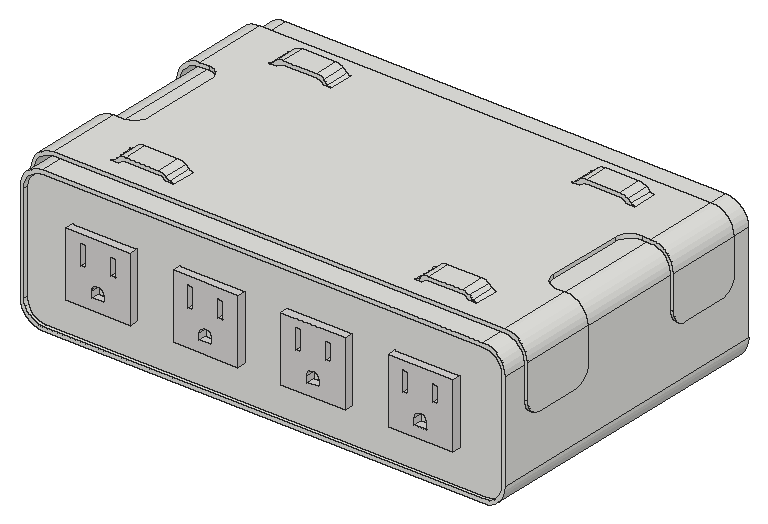
Revit family "Electrical_&_Lighting-Teknion-CQAPH_Routes_Shared_Power_Hub-R2018", category Electrical Fixtures, Revit 2018
Family settings
  Maintain Annotation Orientation = No
  Round Connector Dimension = Use Diameter
  Part Type = Normal
  OmniClass Number = 23.40.20.00
  OmniClass Title = General Furniture and Specialties
  Work Plane-Based = No
  Always vertical = Yes
  Cut with Voids When Loaded = No
  Shared = Yes
  Room Calculation Point = No
Parameters (values of type "Octet - 8 Power, Under Worksurface Mounting Configuration")
  Warranty = "http://www.teknion.com/ca/papers/legal-canada"
  Voltage = 120 V
  Unit Weight URL = "http://www.teknion.com/ca/tools/assets#&asset=bee6a381-b954-425e-8283-5a2de3a804f2,f828d448-4b62-4231-9e5f-9a8991c0ed77"
  URL = "www.teknion.com"
  To render please download texture images found here [instance] = "https://assets.teknion.com/web/5e81352c1dfdb467/revit-material-swatches/"
  Sustainability Data = "https://www.teknion.com/ca/tools/assets#&topic=216f99a5-57a0-44fc-b10a-9dee9b29ae4c&asset=444deb64-fe58-4b68-981e-f75e97781df7,b4ff2d81-9f2e-437d-9659-7cffb09c31cf"
  Series = "Routes"  # constant formula
  Product Page URL = "https://www.teknion.com/ca/products/all-products"
  Product Line = "Routes"  # constant formula
  Product Documentation Link = "https://assets.teknion.com/m/72af4764f50e983c/original/Routes-Reference-Guide.pdf"
  Part Number = "CQAPH"  # constant formula
  Model = "CQAPHO8000U___"
  Manufacturer Phone = "416-661-3370"  # constant formula
  Manufacturer Fax = "416.661.4586"  # constant formula
  Manufacturer Contact Information = "http://www.teknion.com/ca/contactus"
  Manufacturer Address = "1150 Flint Road, Toronto, ON. M3J 2J5. Canada"  # constant formula
  Manufacturer = "Teknion"  # constant formula
  How To Use Teknion Materials User Guide [instance] = "https://assets.teknion.com/m/205dd0a49fa58060/original/How-to-add-a-Material-Library-and-Texture-Images-to-your-Revit-project.pdf"
  For Additional Finishes please visit [instance] = "https://assets.teknion.com/m/44a8009b046e5d47/original/Teknion_Materials_Library.zip"
  Description = "Routes Shared Power Hub, Octet - 8 Power, Under Worksurface Mounting Configuration"
  Connector Descripton = "Power Connector"  # constant formula
  Case and Front Finish [instance] = Paint-Teknion-20-T-Foundation-Atrium White
  Assembly Code = "E2020200"
  Apparent Load = 0 VA
Reference planes (in)
  plane 1 "Center Front/Back": y = 0.0669
  plane 2: z = 0
  plane 3 "Center Left/Right": x = -0.34683
  plane 4 "Left": x = -4.47173
  plane 5 "Right": x = 3.77807
  plane 6 "Back": y = 2.6419
  plane 7 "Front": y = -2.5081
  plane 8 "Top": z = 28
Forms (in)
  Sweep 1, solid, material "Paint-Teknion-20-T-Foundation-Atrium White" <- "Case and Front Finish"
    path origin (0, 0, 0) x (1, 0, 0) y (0, 1, 0)
      loop
        line (-0.34683, -2.4331) -> (-0.34683, 2.5669)
    profile origin (-0.34683, 0.0669, 0) x (-1, 0, 0) y (0, 0, 1)
      loop
        line (-3.6923, 25.45201) -> (3.5621, 25.45201)
        arc (3.5621, 25.45201) -> (3.82571, 25.5612) -> (3.9349, 25.82481) r 0.3728
        line (3.9349, 25.82481) -> (3.9349, 27.44929)
        arc (3.9349, 27.44929) -> (3.82571, 27.7129) -> (3.5621, 27.82209) r 0.3728
        line (3.5621, 27.82209) -> (-3.6923, 27.82209)
        arc (-3.6923, 27.82209) -> (-3.95591, 27.7129) -> (-4.0651, 27.44929) r 0.3728
        line (-4.0651, 27.44929) -> (-4.0651, 25.82481)
        arc (-4.0651, 25.82481) -> (-3.95591, 25.5612) -> (-3.6923, 25.45201) r 0.3728
      loop
        line (-3.6923, 25.51181) -> (3.5621, 25.51181)
        arc (3.5621, 25.51181) -> (3.78342, 25.60349) -> (3.8751, 25.82481) r 0.313
        line (3.8751, 25.82481) -> (3.8751, 27.44929)
        arc (3.8751, 27.44929) -> (3.78342, 27.67061) -> (3.5621, 27.76229) r 0.313
        line (3.5621, 27.76229) -> (-3.6923, 27.76229)
        arc (-3.6923, 27.76229) -> (-3.91362, 27.67061) -> (-4.0053, 27.44929) r 0.313
        line (-4.0053, 27.44929) -> (-4.0053, 25.82481)
        arc (-4.0053, 25.82481) -> (-3.91362, 25.60349) -> (-3.6923, 25.51181) r 0.313
  Sweep 2, solid, material "Paint-Teknion-20-T-Foundation-Atrium White" <- "Case and Front Finish"
    path origin (0, 0, 0) x (1, 0, 0) y (0, 1, 0)
      loop
        line (-0.34683, -2.3679) -> (-0.34683, 2.5017)
    profile origin (-0.34683, 0.0669, 0) x (-1, 0, 0) y (0, 0, 1)
      loop
        line (3.8651, 25.82441) -> (3.8651, 27.41881)
        arc (3.8651, 27.41881) -> (3.77342, 27.64014) -> (3.5521, 27.73181) r 0.313
        line (3.5521, 27.73181) -> (-3.6823, 27.73181)
        arc (-3.6823, 27.73181) -> (-3.90362, 27.64014) -> (-3.9953, 27.41881) r 0.313
        line (-3.9953, 27.41881) -> (-3.9953, 25.81481)
        arc (-3.9953, 25.81481) -> (-3.90655, 25.60056) -> (-3.6923, 25.51181) r 0.303
        line (-3.6923, 25.51181) -> (3.5525, 25.51181)
        arc (3.5525, 25.51181) -> (3.77354, 25.60337) -> (3.8651, 25.82441) r 0.3126
  Sweep 3, solid, material "Paint-Teknion-20-T-Foundation-Atrium White" <- "Case and Front Finish"
    path origin (0, 0, 0) x (1, 0, 0) y (0, 1, 0)
      loop
        line (-0.34683, -2.0581) -> (-0.34683, 2.1919)
    profile origin (-0.34683, 0.0669, 0) x (-1, 0, 0) y (0, 0, 1)
      loop
        line (3.9974, 26.69439) -> (4.0572, 26.69439) -> (4.0572, 27.50909)
        arc (4.0572, 27.50909) -> (3.94801, 27.7727) -> (3.6844, 27.88189) r 0.3728
        line (3.6844, 27.88189) -> (-3.7521, 27.88189)
        arc (-3.7521, 27.88189) -> (-4.01571, 27.7727) -> (-4.1249, 27.50909) r 0.3728
        line (-4.1249, 27.50909) -> (-4.1249, 26.69439) -> (-4.0651, 26.69439) -> (-4.0651, 27.50909)
        arc (-4.0651, 27.50909) -> (-3.97342, 27.73041) -> (-3.7521, 27.82209) r 0.313
        line (-3.7521, 27.82209) -> (3.6844, 27.82209)
        arc (3.6844, 27.82209) -> (3.90572, 27.73041) -> (3.9974, 27.50909) r 0.313
        line (3.9974, 27.50909) -> (3.9974, 26.69439)
  Sweep 4, void
    path origin (0, 0.0669, 0) x (1, 0, 0) y (0, 0, 1)
      loop
        line (-4.02275, 29.68492) -> (-4.02275, 24.43492)
    profile origin (-4.02275, 0.0669, 27.05992) x (0, -1, 0) y (1, 0, 0)
      loop
        line (-0.88583, -0.77296) -> (0.88583, -0.77296) -> (0.88583, 0.13522)
        arc (0.88583, 0.13522) -> (0.8126, 0.312) -> (0.63583, 0.38522) r 0.25
        line (0.63583, 0.38522) -> (-0.63583, 0.38522)
        arc (-0.63583, 0.38522) -> (-0.8126, 0.312) -> (-0.88583, 0.13522) r 0.25
        line (-0.88583, 0.13522) -> (-0.88583, -0.77296)
      loop
        line (-0.88583, 8.1925) -> (-0.88583, 7.28432)
        arc (-0.88583, 7.28432) -> (-0.8126, 7.10754) -> (-0.63583, 7.03432) r 0.25
        line (-0.63583, 7.03432) -> (0.63583, 7.03432)
        arc (0.63583, 7.03432) -> (0.8126, 7.10754) -> (0.88583, 7.28432) r 0.25
        line (0.88583, 7.28432) -> (0.88583, 8.1925) -> (-0.88583, 8.1925)
  Sweep 5, void
    path origin (0, 0, 0) x (1, 0, 0) y (0, 1, 0)
      loop
        line (-4.47173, 0.0669) -> (3.77807, 0.0669)
    profile origin (-0.34683, 0.0669, 0) x (0, 1, 0) y (0, 0, 1)
      loop
        line (0.88583, 26.69439) -> (1.13583, 26.69439)
        arc (1.13583, 26.69439) -> (0.95905, 26.76761) -> (0.88583, 26.94439) r 0.25
        line (0.88583, 26.94439) -> (0.88583, 26.69439)
      loop
        line (2.125, 26.69439) -> (2.125, 26.94439)
        arc (2.125, 26.94439) -> (2.05178, 26.76761) -> (1.875, 26.69439) r 0.25
        line (1.875, 26.69439) -> (2.125, 26.69439)
      loop
        line (-0.88583, 26.69439) -> (-0.88583, 26.94439)
        arc (-0.88583, 26.94439) -> (-0.95905, 26.76761) -> (-1.13583, 26.69439) r 0.25
        line (-1.13583, 26.69439) -> (-0.88583, 26.69439)
      loop
        line (-2.125, 26.69439) -> (-1.875, 26.69439)
        arc (-1.875, 26.69439) -> (-2.05178, 26.76761) -> (-2.125, 26.94439) r 0.25
        line (-2.125, 26.94439) -> (-2.125, 26.69439)
  Sweep 6, solid, material "Paint-Teknion-20-T-Foundation-Atrium White" <- "Case and Front Finish"
    path origin (0, 0, 0) x (1, 0, 0) y (0, 1, 0)
      loop
        line (-2.81298, 1.49504) -> (-2.81298, 1.88875)
    profile origin (-2.81298, 1.6919, 0) x (-1, 0, 0) y (0, 0, 1)
      loop
        arc (0.51462, 27.88189) -> (0.48001, 27.88823) -> (0.4499, 27.90641) r 0.09768
        line (0.4499, 27.90641) -> (0.3946, 27.95534)
        arc (0.3946, 27.95534) -> (0.33974, 27.98846) -> (0.27671, 28) r 0.17791
        line (0.27671, 28) -> (-0.27671, 28)
        arc (-0.27671, 28) -> (-0.33974, 27.98846) -> (-0.3946, 27.95534) r 0.17791
        line (-0.3946, 27.95534) -> (-0.4499, 27.90641)
        arc (-0.4499, 27.90641) -> (-0.48001, 27.88823) -> (-0.51462, 27.88189) r 0.09768
        line (-0.51462, 27.88189) -> (-0.38736, 27.88189) -> (-0.35497, 27.91055)
        arc (-0.35497, 27.91055) -> (-0.31855, 27.93254) -> (-0.27671, 27.9402) r 0.11811
        line (-0.27671, 27.9402) -> (0.27671, 27.9402)
        arc (0.27671, 27.9402) -> (0.31855, 27.93254) -> (0.35497, 27.91055) r 0.11811
        line (0.35497, 27.91055) -> (0.38736, 27.88189) -> (0.51462, 27.88189)
      loop
        arc (-4.48538, 27.88189) -> (-4.51999, 27.88823) -> (-4.5501, 27.90641) r 0.09768
        line (-4.5501, 27.90641) -> (-4.6054, 27.95534)
        arc (-4.6054, 27.95534) -> (-4.66026, 27.98846) -> (-4.72329, 28) r 0.17791
        line (-4.72329, 28) -> (-5.27671, 28)
        arc (-5.27671, 28) -> (-5.33974, 27.98846) -> (-5.3946, 27.95534) r 0.17791
        line (-5.3946, 27.95534) -> (-5.4499, 27.90641)
        arc (-5.4499, 27.90641) -> (-5.48001, 27.88823) -> (-5.51462, 27.88189) r 0.09768
        line (-5.51462, 27.88189) -> (-5.38736, 27.88189) -> (-5.35497, 27.91055)
        arc (-5.35497, 27.91055) -> (-5.31855, 27.93254) -> (-5.27671, 27.9402) r 0.11811
        line (-5.27671, 27.9402) -> (-4.72329, 27.9402)
        arc (-4.72329, 27.9402) -> (-4.68145, 27.93254) -> (-4.64503, 27.91055) r 0.11811
        line (-4.64503, 27.91055) -> (-4.61264, 27.88189) -> (-4.48538, 27.88189)
  Sweep 7, solid, material "Paint-Teknion-20-T-Foundation-Atrium White" <- "Case and Front Finish"
    path origin (0, -3.25, 0) x (1, 0, 0) y (0, 1, 0)
      loop
        line (-2.81298, 1.49504) -> (-2.81298, 1.88875)
    profile origin (-2.81298, -1.5581, 0) x (-1, 0, 0) y (0, 0, 1)
      loop
        arc (0.51462, 27.88189) -> (0.48001, 27.88823) -> (0.4499, 27.90641) r 0.09768
        line (0.4499, 27.90641) -> (0.3946, 27.95534)
        arc (0.3946, 27.95534) -> (0.33974, 27.98846) -> (0.27671, 28) r 0.17791
        line (0.27671, 28) -> (-0.27671, 28)
        arc (-0.27671, 28) -> (-0.33974, 27.98846) -> (-0.3946, 27.95534) r 0.17791
        line (-0.3946, 27.95534) -> (-0.4499, 27.90641)
        arc (-0.4499, 27.90641) -> (-0.48001, 27.88823) -> (-0.51462, 27.88189) r 0.09768
        line (-0.51462, 27.88189) -> (-0.38736, 27.88189) -> (-0.35497, 27.91055)
        arc (-0.35497, 27.91055) -> (-0.31855, 27.93254) -> (-0.27671, 27.9402) r 0.11811
        line (-0.27671, 27.9402) -> (0.27671, 27.9402)
        arc (0.27671, 27.9402) -> (0.31855, 27.93254) -> (0.35497, 27.91055) r 0.11811
        line (0.35497, 27.91055) -> (0.38736, 27.88189) -> (0.51462, 27.88189)
      loop
        arc (-4.48538, 27.88189) -> (-4.51999, 27.88823) -> (-4.5501, 27.90641) r 0.09768
        line (-4.5501, 27.90641) -> (-4.6054, 27.95534)
        arc (-4.6054, 27.95534) -> (-4.66026, 27.98846) -> (-4.72329, 28) r 0.17791
        line (-4.72329, 28) -> (-5.27671, 28)
        arc (-5.27671, 28) -> (-5.33974, 27.98846) -> (-5.3946, 27.95534) r 0.17791
        line (-5.3946, 27.95534) -> (-5.4499, 27.90641)
        arc (-5.4499, 27.90641) -> (-5.48001, 27.88823) -> (-5.51462, 27.88189) r 0.09768
        line (-5.51462, 27.88189) -> (-5.38736, 27.88189) -> (-5.35497, 27.91055)
        arc (-5.35497, 27.91055) -> (-5.31855, 27.93254) -> (-5.27671, 27.9402) r 0.11811
        line (-5.27671, 27.9402) -> (-4.72329, 27.9402)
        arc (-4.72329, 27.9402) -> (-4.68145, 27.93254) -> (-4.64503, 27.91055) r 0.11811
        line (-4.64503, 27.91055) -> (-4.61264, 27.88189) -> (-4.48538, 27.88189)
  Sweep 8, solid, material "Plastic - Teknion - E - Ebony"
    path origin (0, 0.0669, 0) x (1, 0, 0) y (0, 0, 1)
      loop
        line (-4.37173, 26.39418) -> (-4.28173, 26.39418)
    profile origin (-4.32673, 0.0669, 26.39418) x (0, 0, 1) y (0, -1, 0)
      loop
        line (0.375, -0.375) -> (0.375, 0.375) -> (-0.375, 0.375) -> (-0.375, -0.375) -> (0.375, -0.375)
  Sweep 9, solid, material "Plastic - Teknion - E - Ebony"
    path origin (0, 0, 0) x (1, 0, 0) y (0, 1, 0)
      loop
        line (-4.42173, -0.1131) -> (-4.42173, 0.2469)
    profile origin (-4.42173, 0.0669, 0) x (-1, 0, 0) y (0, 0, 1)
      loop
        line (-0.06228, 26.1869) -> (0.05, 26.29918)
        arc (0.05, 26.29918) -> (-0.00922, 26.43869) -> (-0.03, 26.58882) r 0.576
        line (-0.03, 26.58882) -> (-0.06228, 26.58882) -> (-0.06228, 26.1869)
  Sweep 10, solid, material "Plastic - Teknion - Z2 - Crisp Grey"
    path origin (-1.74432, -1.3115, 25.61977) x (0, 1, 0) y (0, 0, 1)
      loop
        line (-1.0564, 0.99588) -> (-1.1966, 0.99588)
    profile origin (-1.74432, -2.438, 26.61565) x (0, 0, -1) y (1, 0, 0)
      loop
        line (0.5252, -1.72639) -> (0.5252, -0.66339) -> (-0.53766, -0.66339) -> (-0.53766, -1.72639) -> (0.5252, -1.72639)
      loop
        line (-0.40166, -1.40239) -> (-0.40166, -1.48639) -> (-0.06566, -1.48639) -> (-0.06566, -1.40239) -> (-0.40166, -1.40239)
      loop
        line (-0.36966, -0.98739) -> (-0.09766, -0.98739) -> (-0.09766, -0.90339) -> (-0.36966, -0.90339) -> (-0.36966, -0.98739)
      loop
        line (0.24294, -1.29888) -> (0.34649, -1.29888) -> (0.34649, -1.09179) -> (0.24294, -1.09179)
        arc (0.24294, -1.09179) -> (0.1394, -1.19534) -> (0.24294, -1.29888) r 0.10354
  Sweep 11, solid, material "Plastic - Teknion - Z2 - Crisp Grey"
    path origin (0.02734, -1.3115, 25.61977) x (0, 1, 0) y (0, 0, 1)
      loop
        line (-1.0564, 0.99588) -> (-1.1966, 0.99588)
    profile origin (0.02734, -2.438, 26.61565) x (0, 0, -1) y (1, 0, 0)
      loop
        line (0.5252, -1.72639) -> (0.5252, -0.66339) -> (-0.53766, -0.66339) -> (-0.53766, -1.72639) -> (0.5252, -1.72639)
      loop
        line (-0.40166, -1.40239) -> (-0.40166, -1.48639) -> (-0.06566, -1.48639) -> (-0.06566, -1.40239) -> (-0.40166, -1.40239)
      loop
        line (-0.36966, -0.98739) -> (-0.09766, -0.98739) -> (-0.09766, -0.90339) -> (-0.36966, -0.90339) -> (-0.36966, -0.98739)
      loop
        line (0.24294, -1.29888) -> (0.34649, -1.29888) -> (0.34649, -1.09179) -> (0.24294, -1.09179)
        arc (0.24294, -1.09179) -> (0.1394, -1.19534) -> (0.24294, -1.29888) r 0.10354
  Sweep 12, solid, material "Plastic - Teknion - Z2 - Crisp Grey"
    path origin (1.79899, -1.3115, 25.61977) x (0, 1, 0) y (0, 0, 1)
      loop
        line (-1.0564, 0.99588) -> (-1.1966, 0.99588)
    profile origin (1.79899, -2.438, 26.61565) x (0, 0, -1) y (1, 0, 0)
      loop
        line (0.5252, -1.72639) -> (0.5252, -0.66339) -> (-0.53766, -0.66339) -> (-0.53766, -1.72639) -> (0.5252, -1.72639)
      loop
        line (-0.40166, -1.40239) -> (-0.40166, -1.48639) -> (-0.06566, -1.48639) -> (-0.06566, -1.40239) -> (-0.40166, -1.40239)
      loop
        line (-0.36966, -0.98739) -> (-0.09766, -0.98739) -> (-0.09766, -0.90339) -> (-0.36966, -0.90339) -> (-0.36966, -0.98739)
      loop
        line (0.24294, -1.29888) -> (0.34649, -1.29888) -> (0.34649, -1.09179) -> (0.24294, -1.09179)
        arc (0.24294, -1.09179) -> (0.1394, -1.19534) -> (0.24294, -1.29888) r 0.10354
  Sweep 13, solid, material "Plastic - Teknion - Z2 - Crisp Grey"
    path origin (3.57064, -1.3115, 25.61977) x (0, 1, 0) y (0, 0, 1)
      loop
        line (-1.0564, 0.99588) -> (-1.1966, 0.99588)
    profile origin (3.57064, -2.438, 26.61565) x (0, 0, -1) y (1, 0, 0)
      loop
        line (0.5252, -1.72639) -> (0.5252, -0.66339) -> (-0.53766, -0.66339) -> (-0.53766, -1.72639) -> (0.5252, -1.72639)
      loop
        line (-0.40166, -1.40239) -> (-0.40166, -1.48639) -> (-0.06566, -1.48639) -> (-0.06566, -1.40239) -> (-0.40166, -1.40239)
      loop
        line (-0.36966, -0.98739) -> (-0.09766, -0.98739) -> (-0.09766, -0.90339) -> (-0.36966, -0.90339) -> (-0.36966, -0.98739)
      loop
        line (0.24294, -1.29888) -> (0.34649, -1.29888) -> (0.34649, -1.09179) -> (0.24294, -1.09179)
        arc (0.24294, -1.09179) -> (0.1394, -1.19534) -> (0.24294, -1.29888) r 0.10354
  Sweep 14, solid, material "Plastic - Teknion - Z2 - Crisp Grey"
    path origin (1.18086, 1.44529, 25.61977) x (0, -1, 0) y (0, 0, 1)
      loop
        line (-1.0564, 0.99588) -> (-1.1966, 0.99588)
    profile origin (1.18086, 2.5718, 26.61565) x (0, 0, -1) y (-1, 0, 0)
      loop
        line (0.5252, -1.72639) -> (0.5252, -0.66339) -> (-0.53766, -0.66339) -> (-0.53766, -1.72639) -> (0.5252, -1.72639)
      loop
        line (-0.40166, -1.40239) -> (-0.40166, -1.48639) -> (-0.06566, -1.48639) -> (-0.06566, -1.40239) -> (-0.40166, -1.40239)
      loop
        line (-0.36966, -0.98739) -> (-0.09766, -0.98739) -> (-0.09766, -0.90339) -> (-0.36966, -0.90339) -> (-0.36966, -0.98739)
      loop
        line (0.24294, -1.29888) -> (0.34649, -1.29888) -> (0.34649, -1.09179) -> (0.24294, -1.09179)
        arc (0.24294, -1.09179) -> (0.1394, -1.19534) -> (0.24294, -1.29888) r 0.10354
  Sweep 15, solid, material "Plastic - Teknion - Z2 - Crisp Grey"
    path origin (-0.5908, 1.44529, 25.61977) x (0, -1, 0) y (0, 0, 1)
      loop
        line (-1.0564, 0.99588) -> (-1.1966, 0.99588)
    profile origin (-0.5908, 2.5718, 26.61565) x (0, 0, -1) y (-1, 0, 0)
      loop
        line (0.5252, -1.72639) -> (0.5252, -0.66339) -> (-0.53766, -0.66339) -> (-0.53766, -1.72639) -> (0.5252, -1.72639)
      loop
        line (-0.40166, -1.40239) -> (-0.40166, -1.48639) -> (-0.06566, -1.48639) -> (-0.06566, -1.40239) -> (-0.40166, -1.40239)
      loop
        line (-0.36966, -0.98739) -> (-0.09766, -0.98739) -> (-0.09766, -0.90339) -> (-0.36966, -0.90339) -> (-0.36966, -0.98739)
      loop
        line (0.24294, -1.29888) -> (0.34649, -1.29888) -> (0.34649, -1.09179) -> (0.24294, -1.09179)
        arc (0.24294, -1.09179) -> (0.1394, -1.19534) -> (0.24294, -1.29888) r 0.10354
  Sweep 16, solid, material "Plastic - Teknion - Z2 - Crisp Grey"
    path origin (-2.36245, 1.44529, 25.61977) x (0, -1, 0) y (0, 0, 1)
      loop
        line (-1.0564, 0.99588) -> (-1.1966, 0.99588)
    profile origin (-2.36245, 2.5718, 26.61565) x (0, 0, -1) y (-1, 0, 0)
      loop
        line (0.5252, -1.72639) -> (0.5252, -0.66339) -> (-0.53766, -0.66339) -> (-0.53766, -1.72639) -> (0.5252, -1.72639)
      loop
        line (-0.40166, -1.40239) -> (-0.40166, -1.48639) -> (-0.06566, -1.48639) -> (-0.06566, -1.40239) -> (-0.40166, -1.40239)
      loop
        line (-0.36966, -0.98739) -> (-0.09766, -0.98739) -> (-0.09766, -0.90339) -> (-0.36966, -0.90339) -> (-0.36966, -0.98739)
      loop
        line (0.24294, -1.29888) -> (0.34649, -1.29888) -> (0.34649, -1.09179) -> (0.24294, -1.09179)
        arc (0.24294, -1.09179) -> (0.1394, -1.19534) -> (0.24294, -1.29888) r 0.10354
  Sweep 17, solid, material "Plastic - Teknion - Z2 - Crisp Grey"
    path origin (-4.1341, 1.44529, 25.61977) x (0, -1, 0) y (0, 0, 1)
      loop
        line (-1.0564, 0.99588) -> (-1.1966, 0.99588)
    profile origin (-4.1341, 2.5718, 26.61565) x (0, 0, -1) y (-1, 0, 0)
      loop
        line (0.5252, -1.72639) -> (0.5252, -0.66339) -> (-0.53766, -0.66339) -> (-0.53766, -1.72639) -> (0.5252, -1.72639)
      loop
        line (-0.40166, -1.40239) -> (-0.40166, -1.48639) -> (-0.06566, -1.48639) -> (-0.06566, -1.40239) -> (-0.40166, -1.40239)
      loop
        line (-0.36966, -0.98739) -> (-0.09766, -0.98739) -> (-0.09766, -0.90339) -> (-0.36966, -0.90339) -> (-0.36966, -0.98739)
      loop
        line (0.24294, -1.29888) -> (0.34649, -1.29888) -> (0.34649, -1.09179) -> (0.24294, -1.09179)
        arc (0.24294, -1.09179) -> (0.1394, -1.19534) -> (0.24294, -1.29888) r 0.10354
Cuts and joins
  Sweep 4, Sweep 5 cuts Sweep 3
Lines and regions (in)
  Masking region 1
    outline origin (0, 0, 0) x (1, 0, 0) y (0, 1, 0)
      loop
        line (-4.40403, 2.1919) -> (-4.40403, 0.95272) -> (-3.88753, 0.95272)
        arc (-3.88753, 0.95272) -> (-3.71075, 0.8795) -> (-3.63753, 0.70272) r 0.25
        line (-3.63753, 0.70272) -> (-3.63753, -0.56893)
        arc (-3.63753, -0.56893) -> (-3.71075, -0.74571) -> (-3.88753, -0.81893) r 0.25
        line (-3.88753, -0.81893) -> (-4.40403, -0.81893) -> (-4.40403, -2.0581) -> (3.77807, -2.0581) -> (3.77807, -0.81893) -> (3.26157, -0.81893)
        arc (3.26157, -0.81893) -> (3.08479, -0.74571) -> (3.01157, -0.56893) r 0.25
        line (3.01157, -0.56893) -> (3.01157, 0.70272)
        arc (3.01157, 0.70272) -> (3.08479, 0.8795) -> (3.26157, 0.95272) r 0.25
        line (3.26157, 0.95272) -> (3.77807, 0.95272) -> (3.77807, 2.1919) -> (-4.40403, 2.1919)
  Masking region 2
    outline origin (0, 0, 0) x (1, 0, 0) y (0, 1, 0)
      loop
        line (-4.28065, -0.81893) -> (-3.88753, -0.81893)
        arc (-3.88753, -0.81893) -> (-3.71075, -0.74571) -> (-3.63753, -0.56893) r 0.25
        line (-3.63753, -0.56893) -> (-3.63753, 0.70272)
        arc (-3.63753, 0.70272) -> (-3.71075, 0.8795) -> (-3.88753, 0.95272) r 0.25
        line (-3.88753, 0.95272) -> (-4.28065, 0.95272) -> (-4.28065, -0.81893)
  Masking region 3
    outline origin (-0.62596, 0, 0) x (0, 1, 0) y (-1, 0, 0)
      loop
        line (-0.81893, -4.34139) -> (0.95272, -4.34139) -> (0.95272, -3.88753)
        arc (0.95272, -3.88753) -> (0.8795, -3.71075) -> (0.70272, -3.63753) r 0.25
        line (0.70272, -3.63753) -> (-0.56893, -3.63753)
        arc (-0.56893, -3.63753) -> (-0.74571, -3.71075) -> (-0.81893, -3.88753) r 0.25
        line (-0.81893, -3.88753) -> (-0.81893, -4.34139)
  Masking region 4
    outline origin (0, 0, 0) x (1, 0, 0) y (0, 1, 0)
      loop
        line (-4.28173, -2.4331) -> (3.71827, -2.4331) -> (3.71827, -2.0581) -> (-4.28173, -2.0581) -> (-4.28173, -2.4331)
  Masking region 5
    outline origin (0, 0, 0) x (1, 0, 0) y (0, 1, 0)
      loop
        line (-4.28173, 2.5669) -> (-4.28173, 2.1919) -> (3.71827, 2.1919) -> (3.71827, 2.5669) -> (-4.28173, 2.5669)
  Masking region 6
    outline origin (0, 0, 0) x (1, 0, 0) y (0, 1, 0)
      loop
        line (-3.47071, 2.6419) -> (-3.47071, 2.5669) -> (-2.40771, 2.5669) -> (-2.40771, 2.6419) -> (-3.47071, 2.6419)
  Masking region 7
    outline origin (1.77165, 0, 0) x (1, 0, 0) y (0, 1, 0)
      loop
        line (-3.47071, 2.6419) -> (-3.47071, 2.5669) -> (-2.40771, 2.5669) -> (-2.40771, 2.6419) -> (-3.47071, 2.6419)
  Masking region 8
    outline origin (3.54331, 0, 0) x (1, 0, 0) y (0, 1, 0)
      loop
        line (-3.47071, 2.6419) -> (-3.47071, 2.5669) -> (-2.40771, 2.5669) -> (-2.40771, 2.6419) -> (-3.47071, 2.6419)
  Masking region 9
    outline origin (5.31496, 0, 0) x (1, 0, 0) y (0, 1, 0)
      loop
        line (-3.47071, 2.6419) -> (-3.47071, 2.5669) -> (-2.40771, 2.5669) -> (-2.40771, 2.6419) -> (-3.47071, 2.6419)
  Masking region 10
    outline origin (0, 0.13379, 0) x (0, -1, 0) y (1, 0, 0)
      loop
        line (2.6419, -3.47071) -> (2.6419, -2.40771) -> (2.5669, -2.40771) -> (2.5669, -3.47071) -> (2.6419, -3.47071)
  Masking region 11
    outline origin (1.77165, 0.13379, 0) x (0, -1, 0) y (1, 0, 0)
      loop
        line (2.6419, -3.47071) -> (2.6419, -2.40771) -> (2.5669, -2.40771) -> (2.5669, -3.47071) -> (2.6419, -3.47071)
  Masking region 12
    outline origin (3.54331, 0.13379, 0) x (0, -1, 0) y (1, 0, 0)
      loop
        line (2.6419, -3.47071) -> (2.6419, -2.40771) -> (2.5669, -2.40771) -> (2.5669, -3.47071) -> (2.6419, -3.47071)
  Masking region 13
    outline origin (5.31496, 0.13379, 0) x (0, -1, 0) y (1, 0, 0)
      loop
        line (2.6419, -3.47071) -> (2.6419, -2.40771) -> (2.5669, -2.40771) -> (2.5669, -3.47071) -> (2.6419, -3.47071)
  Masking region 14
    outline origin (0, 0, 0) x (1, 0, 0) y (0, 1, 0)
      loop
        line (-4.37173, 0.4419) -> (-4.37173, -0.3081) -> (-4.28173, -0.3081) -> (-4.28173, 0.4419) -> (-4.37173, 0.4419)
  Masking region 15
    outline origin (0, 0, 0) x (1, 0, 0) y (0, 1, 0)
      loop
        line (-4.47173, 0.2469) -> (-4.47173, -0.1131) -> (-4.37173, -0.1131) -> (-4.37173, 0.2469) -> (-4.47173, 0.2469)
  symbolic lines
    curve 1: line (-4.39173, 0.2469, 0) -> (-4.39173, -0.1131, 0)
    curve 2: line (-3.3276, 1.88875, 0) -> (-2.29836, 1.88875, 0)
    curve 3: line (-3.3276, 1.49504, 0) -> (-3.3276, 1.88875, 0)
    curve 4: line (-2.29836, 1.49504, 0) -> (-3.3276, 1.49504, 0)
    curve 5: line (-2.29836, 1.88875, 0) -> (-2.29836, 1.49504, 0)
    curve 6: line (-3.20034, 1.49504, 0) -> (-3.20034, 1.88875, 0)
    curve 7: line (-2.42562, 1.88875, 0) -> (-2.42562, 1.49504, 0)
    curve 8: line (1.6724, 1.88875, 0) -> (2.70164, 1.88875, 0)
    curve 9: line (1.6724, 1.49504, 0) -> (1.6724, 1.88875, 0)
    curve 10: line (2.70164, 1.49504, 0) -> (1.6724, 1.49504, 0)
    curve 11: line (2.70164, 1.88875, 0) -> (2.70164, 1.49504, 0)
    curve 12: line (1.79966, 1.49504, 0) -> (1.79966, 1.88875, 0)
    curve 13: line (2.57438, 1.88875, 0) -> (2.57438, 1.49504, 0)
    curve 14: line (1.6724, -1.36125, 0) -> (2.70164, -1.36125, 0)
    curve 15: line (1.6724, -1.75496, 0) -> (1.6724, -1.36125, 0)
    curve 16: line (2.70164, -1.75496, 0) -> (1.6724, -1.75496, 0)
    curve 17: line (2.70164, -1.36125, 0) -> (2.70164, -1.75496, 0)
    curve 18: line (1.79966, -1.75496, 0) -> (1.79966, -1.36125, 0)
    curve 19: line (2.57438, -1.36125, 0) -> (2.57438, -1.75496, 0)
    curve 20: line (-3.3276, -1.36125, 0) -> (-2.29836, -1.36125, 0)
    curve 21: line (-3.3276, -1.75496, 0) -> (-3.3276, -1.36125, 0)
    curve 22: line (-2.29836, -1.75496, 0) -> (-3.3276, -1.75496, 0)
    curve 23: line (-2.29836, -1.36125, 0) -> (-2.29836, -1.75496, 0)
    curve 24: line (-3.20034, -1.75496, 0) -> (-3.20034, -1.36125, 0)
    curve 25: line (-2.42562, -1.36125, 0) -> (-2.42562, -1.75496, 0)
  symbolic lines, style "ElectricalFixturesHiddenLines", detail levels medium+fine
    curve 26: line (-4.28173, 2.1919, 0) -> (-4.28065, 0.95272, 0)
    curve 27: line (-4.28194, -0.81893, 0) -> (-4.28173, -2.0581, 0)
    curve 28: line (3.71827, 2.1919, 0) -> (3.71827, 0.95272, 0)
    curve 29: line (3.71827, -0.81893, 0) -> (3.71827, -2.0581, 0)
  symbolic lines, style "ElectricalFixturesHiddenLines", detail levels fine
    curve 30: line (-4.21193, 2.5017, 0) -> (3.64847, 2.5017, 0)
    curve 31: line (-4.21193, -2.3679, 0) -> (-4.21193, 2.5017, 0)
    curve 32: line (3.64847, -2.3679, 0) -> (-4.21193, -2.3679, 0)
    curve 33: line (3.64847, 2.5017, 0) -> (3.64847, -2.3679, 0)
    curve 34: line (-3.47071, 2.5669, 0) -> (-3.47071, 2.5017, 0)
    curve 35: line (-2.40771, 2.5669, 0) -> (-2.40771, 2.5017, 0)
    curve 36: line (-1.69906, 2.5669, 0) -> (-1.69906, 2.5017, 0)
    curve 37: line (-0.63606, 2.5669, 0) -> (-0.63606, 2.5017, 0)
    curve 38: line (0.0726, 2.5669, 0) -> (0.0726, 2.5017, 0)
    curve 39: line (1.1356, 2.5669, 0) -> (1.1356, 2.5017, 0)
    curve 40: line (1.84425, 2.5669, 0) -> (1.84425, 2.5017, 0)
    curve 41: line (2.90725, 2.5669, 0) -> (2.90725, 2.5017, 0)
    curve 42: line (-3.47071, -2.3679, 0) -> (-3.47071, -2.4331, 0)
    curve 43: line (-2.40771, -2.3679, 0) -> (-2.40771, -2.4331, 0)
    curve 44: line (-1.69906, -2.3679, 0) -> (-1.69906, -2.4331, 0)
    curve 45: line (-0.63606, -2.3679, 0) -> (-0.63606, -2.4331, 0)
    curve 46: line (0.0726, -2.3679, 0) -> (0.0726, -2.4331, 0)
    curve 47: line (1.1356, -2.3679, 0) -> (1.1356, -2.4331, 0)
    curve 48: line (1.84425, -2.3679, 0) -> (1.84425, -2.4331, 0)
    curve 49: line (2.90725, -2.3679, 0) -> (2.90725, -2.4331, 0)
Dimensions and locks (in)
  locked: plane 4 "Left" to plane 5 "Right" at 8.2498
  equal spacing: plane 6 "Back", plane 1 "Center Front/Back", plane 7 "Front", locked at 2.575 each
  locked: plane 8 "Top" to level at 28
  equal spacing: plane 4 "Left", plane 3 "Center Left/Right", plane 5 "Right"
  aligned and locked: level to plane 2
  aligned and locked: plane 1 "Center Front/Back" to nested 1
  aligned and locked: plane 3 "Center Left/Right" to nested 1
Automatic sketch dimensions
  Sweep 1 sketch curve to plane 3 "Center Left/Right" = 0.000"
  Sweep 1 sketch curve to plane 7 "Front" = 0.075"
  Sweep 1 sketch curve to plane 6 "Back" = 0.075"
  Sweep 1 sketch curve to Sweep 1 sketch curve = 0.000"  (x9)
  profile plane to Sweep 1 sketch curve = 4.0651"
  Sweep 1 sketch curve to Sweep 1 sketch curve = 0.0598"
  Sweep 1 sketch curve to Sweep 1 sketch curve = 0.313"  (x3)
  Sweep 1 sketch curve to profile plane = 3.5621"
  level to Sweep 1 sketch curve = 25.45201"
  Sweep 1 sketch curve to Sweep 1 sketch curve = 1.62448"
  Sweep 2 sketch curve to plane 3 "Center Left/Right" = 0.000"
  Sweep 2 sketch curve to plane 7 "Front" = 0.1402"
  Sweep 2 sketch curve to plane 6 "Back" = 0.1402"
  profile plane to Sweep 2 sketch curve = 3.9953"
  Sweep 2 sketch curve to Sweep 2 sketch curve = 0.303"
  Sweep 2 sketch curve to Sweep 2 sketch curve = 0.313"  (x2)
  Sweep 2 sketch curve to profile plane = 3.5521"
  Sweep 2 sketch curve to Sweep 2 sketch curve = 0.0004"
  level to Sweep 2 sketch curve = 25.51181"
  Sweep 2 sketch curve to Sweep 2 sketch curve = 1.5944"
  Sweep 3 sketch curve to plane 3 "Center Left/Right" = 0.000"
  Sweep 3 sketch curve to plane 7 "Front" = 0.450"
  Sweep 3 sketch curve to plane 6 "Back" = 0.450"
  Sweep 3 sketch curve to Sweep 3 sketch curve = 0.000"  (x5)
  profile plane to Sweep 3 sketch curve = 4.1249"
  Sweep 3 sketch curve to Sweep 3 sketch curve = 0.0598"
  Sweep 3 sketch curve to Sweep 3 sketch curve = 0.313"  (x2)
  Sweep 3 sketch curve to profile plane = 3.6844"
  level to Sweep 3 sketch curve = 26.69439"
  Sweep 3 sketch curve to Sweep 3 sketch curve = 0.8147"
  plane 4 "Left" to Sweep 4 sketch curve = 0.44898"
  Sweep 4 sketch curve to plane 8 "Top" = 3.56508"
  plane 8 "Top" to Sweep 4 sketch curve = 1.68492"
  Sweep 4 sketch curve to plane 1 "Center Front/Back" = 0.88583"  (x2)
  Sweep 4 sketch curve to Sweep 4 sketch curve = 0.250"  (x3)
  Sweep 4 sketch curve to profile plane = 0.13522"
  plane 1 "Center Front/Back" to Sweep 4 sketch curve = 0.63583"  (x2)
  plane 1 "Center Front/Back" to Sweep 4 sketch curve = 0.88583"
  profile plane to Sweep 4 sketch curve = 0.77296"
  Sweep 4 sketch curve to Sweep 4 sketch curve = 6.6491"
  Sweep 4 sketch curve to Sweep 4 sketch curve = 0.90818"
  Sweep 5 sketch curve to plane 1 "Center Front/Back" = 0.000"
  Sweep 5 sketch curve to plane 4 "Left" = 0.000"
  Sweep 5 sketch curve to plane 5 "Right" = 0.000"
  profile plane to Sweep 5 sketch curve = 2.125"
  Sweep 5 sketch curve to Sweep 5 sketch curve = 0.250"  (x8)
  Sweep 5 sketch curve to Sweep 5 sketch curve = 0.73917"  (x2)
  Sweep 5 sketch curve to profile plane = 0.88583"
  level to Sweep 5 sketch curve = 26.69439"
  Sweep 5 sketch curve to Sweep 5 sketch curve = 0.000"  (x15)
  Sweep 6 sketch curve to plane 6 "Back" = 0.75315"
  plane 4 "Left" to Sweep 6 sketch curve = 1.65875"
  Sweep 6 sketch curve to Sweep 6 sketch curve = 0.3937"
  Sweep 6 sketch curve to Sweep 6 sketch curve = 0.000"  (x13)
  profile plane to Sweep 6 sketch curve = 5.51462"
  Sweep 6 sketch curve to Sweep 6 sketch curve = 0.06472"  (x4)
  Sweep 6 sketch curve to Sweep 6 sketch curve = 0.0553"  (x2)
  Sweep 6 sketch curve to Sweep 6 sketch curve = 0.06253"  (x4)
  Sweep 6 sketch curve to Sweep 6 sketch curve = 0.03239"  (x4)
  Sweep 6 sketch curve to Sweep 6 sketch curve = 0.07826"  (x4)
  Sweep 6 sketch curve to Sweep 6 sketch curve = 0.55342"
  Sweep 6 sketch curve to Sweep 6 sketch curve = 0.03962"  (x2)
  profile plane to Sweep 6 sketch curve = 0.51462"
  Sweep 6 sketch curve to profile plane = 0.27671"
  level to Sweep 6 sketch curve = 27.82209"
  Sweep 6 sketch curve to Sweep 6 sketch curve = 0.0598"  (x4)
  Sweep 6 sketch curve to Sweep 6 sketch curve = 0.02452"  (x4)
  Sweep 6 sketch curve to Sweep 6 sketch curve = 0.02866"  (x2)
  Sweep 6 sketch curve to Sweep 6 sketch curve = 0.04479"  (x2)
  Sweep 6 sketch curve to Sweep 6 sketch curve = 0.09768"  (x2)
  plane 4 "Left" to Sweep 7 sketch curve = 1.65875"
  Sweep 7 sketch curve to plane 7 "Front" = 0.75315"
  Sweep 7 sketch curve to Sweep 7 sketch curve = 0.3937"
  Sweep 7 sketch curve to Sweep 7 sketch curve = 0.000"  (x13)
  profile plane to Sweep 7 sketch curve = 5.51462"
  Sweep 7 sketch curve to Sweep 7 sketch curve = 0.06472"  (x4)
  Sweep 7 sketch curve to Sweep 7 sketch curve = 0.0553"  (x2)
  Sweep 7 sketch curve to Sweep 7 sketch curve = 0.06253"  (x4)
  Sweep 7 sketch curve to Sweep 7 sketch curve = 0.03239"  (x4)
  Sweep 7 sketch curve to Sweep 7 sketch curve = 0.07826"  (x4)
  Sweep 7 sketch curve to Sweep 7 sketch curve = 0.55342"
  Sweep 7 sketch curve to Sweep 7 sketch curve = 0.03962"  (x2)
  profile plane to Sweep 7 sketch curve = 0.51462"
  Sweep 7 sketch curve to profile plane = 0.27671"
  level to Sweep 7 sketch curve = 27.82209"
  Sweep 7 sketch curve to Sweep 7 sketch curve = 0.0598"  (x4)
  Sweep 7 sketch curve to Sweep 7 sketch curve = 0.02452"  (x4)
  Sweep 7 sketch curve to Sweep 7 sketch curve = 0.02866"  (x2)
  Sweep 7 sketch curve to Sweep 7 sketch curve = 0.04479"  (x2)
  Sweep 7 sketch curve to Sweep 7 sketch curve = 0.09768"  (x2)
  plane 4 "Left" to Sweep 8 sketch curve = 0.100"
  plane 4 "Left" to Sweep 8 sketch curve = 0.190"
  Sweep 8 sketch curve to plane 8 "Top" = 1.60582"
  profile plane to Sweep 8 sketch curve = 0.375"
  Sweep 8 sketch curve to profile plane = 0.375"
  Sweep 8 sketch curve to plane 1 "Center Front/Back" = 0.375"
  plane 1 "Center Front/Back" to Sweep 8 sketch curve = 0.375"
  plane 4 "Left" to Sweep 9 sketch curve = 0.050"
  plane 1 "Center Front/Back" to Sweep 9 sketch curve = 0.180"
  Sweep 9 sketch curve to plane 1 "Center Front/Back" = 0.180"
  profile plane to Sweep 9 sketch curve = 0.06228"
  profile plane to Sweep 9 sketch curve = 0.030"
  Sweep 9 sketch curve to profile plane = 0.050"
  Sweep 9 sketch curve to profile plane = 0.54599"
  level to Sweep 9 sketch curve = 26.1869"
  Sweep 9 sketch curve to Sweep 9 sketch curve = 0.11228"
  Sweep 9 sketch curve to Sweep 9 sketch curve = 0.28965"
  Sweep 10 sketch curve to plane 7 "Front" = 0.000"
  Sweep 10 sketch curve to plane 8 "Top" = 1.38435"
  Sweep 10 sketch curve to Sweep 10 sketch curve = 0.1402"
  profile plane to Sweep 10 sketch curve = 0.53766"
  Sweep 10 sketch curve to Sweep 10 sketch curve = 0.136"
  Sweep 10 sketch curve to Sweep 10 sketch curve = 0.168"
  profile plane to Sweep 10 sketch curve = 0.09766"
  profile plane to Sweep 10 sketch curve = 0.06566"
  Sweep 10 sketch curve to profile plane = 0.24294"
  Sweep 10 sketch curve to Sweep 10 sketch curve = 0.10354"  (x2)
  Sweep 10 sketch curve to Sweep 10 sketch curve = 0.17871"
  Sweep 10 sketch curve to profile plane = 1.72639"
  Sweep 10 sketch curve to Sweep 10 sketch curve = 0.240"  (x2)
  Sweep 10 sketch curve to Sweep 10 sketch curve = 0.084"  (x2)
  Sweep 10 sketch curve to Sweep 10 sketch curve = 0.10351"
  Sweep 10 sketch curve to Sweep 10 sketch curve = 0.1044"
  Sweep 11 sketch curve to plane 7 "Front" = 0.000"
  Sweep 11 sketch curve to plane 8 "Top" = 1.38435"
  Sweep 11 sketch curve to plane 7 "Front" = 0.1402"
  profile plane to Sweep 11 sketch curve = 0.53766"
  Sweep 11 sketch curve to Sweep 11 sketch curve = 0.136"
  Sweep 11 sketch curve to Sweep 11 sketch curve = 0.168"
  profile plane to Sweep 11 sketch curve = 0.09766"
  profile plane to Sweep 11 sketch curve = 0.06566"
  Sweep 11 sketch curve to profile plane = 0.24294"
  Sweep 11 sketch curve to Sweep 11 sketch curve = 0.10354"  (x2)
  Sweep 11 sketch curve to Sweep 11 sketch curve = 0.17871"
  Sweep 11 sketch curve to profile plane = 1.72639"
  Sweep 11 sketch curve to Sweep 11 sketch curve = 0.240"  (x2)
  Sweep 11 sketch curve to Sweep 11 sketch curve = 0.084"  (x2)
  Sweep 11 sketch curve to Sweep 11 sketch curve = 0.10351"
  Sweep 11 sketch curve to Sweep 11 sketch curve = 0.1044"
  Sweep 12 sketch curve to plane 7 "Front" = 0.000"
  Sweep 12 sketch curve to plane 8 "Top" = 1.38435"
  Sweep 12 sketch curve to plane 7 "Front" = 0.1402"
  profile plane to Sweep 12 sketch curve = 0.53766"
  Sweep 12 sketch curve to Sweep 12 sketch curve = 0.136"
  Sweep 12 sketch curve to Sweep 12 sketch curve = 0.168"
  profile plane to Sweep 12 sketch curve = 0.09766"
  profile plane to Sweep 12 sketch curve = 0.06566"
  Sweep 12 sketch curve to profile plane = 0.24294"
  Sweep 12 sketch curve to Sweep 12 sketch curve = 0.10354"  (x2)
  Sweep 12 sketch curve to Sweep 12 sketch curve = 0.17871"
  Sweep 12 sketch curve to profile plane = 1.72639"
  Sweep 12 sketch curve to Sweep 12 sketch curve = 0.240"  (x2)
  Sweep 12 sketch curve to Sweep 12 sketch curve = 0.084"  (x2)
  Sweep 12 sketch curve to Sweep 12 sketch curve = 0.10351"
  Sweep 12 sketch curve to Sweep 12 sketch curve = 0.1044"
  Sweep 13 sketch curve to plane 7 "Front" = 0.000"
  Sweep 13 sketch curve to plane 8 "Top" = 1.38435"
  Sweep 13 sketch curve to plane 7 "Front" = 0.1402"
  profile plane to Sweep 13 sketch curve = 0.53766"
  Sweep 13 sketch curve to Sweep 13 sketch curve = 0.136"
  Sweep 13 sketch curve to Sweep 13 sketch curve = 0.168"
  profile plane to Sweep 13 sketch curve = 0.09766"
  profile plane to Sweep 13 sketch curve = 0.06566"
  Sweep 13 sketch curve to profile plane = 0.24294"
  Sweep 13 sketch curve to Sweep 13 sketch curve = 0.10354"  (x2)
  Sweep 13 sketch curve to Sweep 13 sketch curve = 0.17871"
  Sweep 13 sketch curve to profile plane = 1.72639"
  Sweep 13 sketch curve to Sweep 13 sketch curve = 0.240"  (x2)
  Sweep 13 sketch curve to Sweep 13 sketch curve = 0.084"  (x2)
  Sweep 13 sketch curve to Sweep 13 sketch curve = 0.10351"
  Sweep 13 sketch curve to Sweep 13 sketch curve = 0.1044"
  Sweep 14 sketch curve to plane 6 "Back" = 0.000"
  Sweep 14 sketch curve to plane 8 "Top" = 1.38435"
  Sweep 14 sketch curve to plane 6 "Back" = 0.1402"
  profile plane to Sweep 14 sketch curve = 0.53766"
  Sweep 14 sketch curve to Sweep 14 sketch curve = 0.136"
  Sweep 14 sketch curve to Sweep 14 sketch curve = 0.168"
  profile plane to Sweep 14 sketch curve = 0.09766"
  profile plane to Sweep 14 sketch curve = 0.06566"
  Sweep 14 sketch curve to profile plane = 0.24294"
  Sweep 14 sketch curve to Sweep 14 sketch curve = 0.10354"  (x2)
  Sweep 14 sketch curve to Sweep 14 sketch curve = 0.17871"
  Sweep 14 sketch curve to profile plane = 1.72639"
  Sweep 14 sketch curve to Sweep 14 sketch curve = 0.240"  (x2)
  Sweep 14 sketch curve to Sweep 14 sketch curve = 0.084"  (x2)
  Sweep 14 sketch curve to Sweep 14 sketch curve = 0.10351"
  Sweep 14 sketch curve to Sweep 14 sketch curve = 0.1044"
  Sweep 15 sketch curve to plane 6 "Back" = 0.000"
  Sweep 15 sketch curve to plane 8 "Top" = 1.38435"
  Sweep 15 sketch curve to plane 6 "Back" = 0.1402"
  profile plane to Sweep 15 sketch curve = 0.53766"
  Sweep 15 sketch curve to Sweep 15 sketch curve = 0.136"
  Sweep 15 sketch curve to Sweep 15 sketch curve = 0.168"
  profile plane to Sweep 15 sketch curve = 0.09766"
  profile plane to Sweep 15 sketch curve = 0.06566"
  Sweep 15 sketch curve to profile plane = 0.24294"
  Sweep 15 sketch curve to Sweep 15 sketch curve = 0.10354"  (x2)
  Sweep 15 sketch curve to Sweep 15 sketch curve = 0.17871"
  Sweep 15 sketch curve to profile plane = 1.72639"
  Sweep 15 sketch curve to Sweep 15 sketch curve = 0.240"  (x2)
  Sweep 15 sketch curve to Sweep 15 sketch curve = 0.084"  (x2)
  Sweep 15 sketch curve to Sweep 15 sketch curve = 0.10351"
  Sweep 15 sketch curve to Sweep 15 sketch curve = 0.1044"
  Sweep 16 sketch curve to plane 6 "Back" = 0.000"
  Sweep 16 sketch curve to plane 8 "Top" = 1.38435"
  Sweep 16 sketch curve to plane 6 "Back" = 0.1402"
  profile plane to Sweep 16 sketch curve = 0.53766"
  Sweep 16 sketch curve to Sweep 16 sketch curve = 0.136"
  Sweep 16 sketch curve to Sweep 16 sketch curve = 0.168"
  profile plane to Sweep 16 sketch curve = 0.09766"
  profile plane to Sweep 16 sketch curve = 0.06566"
  Sweep 16 sketch curve to profile plane = 0.24294"
  Sweep 16 sketch curve to Sweep 16 sketch curve = 0.10354"  (x2)
  Sweep 16 sketch curve to Sweep 16 sketch curve = 0.17871"
  Sweep 16 sketch curve to profile plane = 1.72639"
  Sweep 16 sketch curve to Sweep 16 sketch curve = 0.240"  (x2)
  Sweep 16 sketch curve to Sweep 16 sketch curve = 0.084"  (x2)
  Sweep 16 sketch curve to Sweep 16 sketch curve = 0.10351"
  Sweep 16 sketch curve to Sweep 16 sketch curve = 0.1044"
  Sweep 17 sketch curve to plane 6 "Back" = 0.000"
  Sweep 17 sketch curve to plane 8 "Top" = 1.38435"
  Sweep 17 sketch curve to Sweep 17 sketch curve = 0.1402"
  profile plane to Sweep 17 sketch curve = 0.53766"
  Sweep 17 sketch curve to Sweep 17 sketch curve = 0.136"
  Sweep 17 sketch curve to Sweep 17 sketch curve = 0.168"
  profile plane to Sweep 17 sketch curve = 0.09766"
  profile plane to Sweep 17 sketch curve = 0.06566"
  Sweep 17 sketch curve to profile plane = 0.24294"
  Sweep 17 sketch curve to Sweep 17 sketch curve = 0.10354"  (x2)
  Sweep 17 sketch curve to Sweep 17 sketch curve = 0.17871"
  Sweep 17 sketch curve to profile plane = 1.72639"
  Sweep 17 sketch curve to Sweep 17 sketch curve = 0.240"  (x2)
  Sweep 17 sketch curve to Sweep 17 sketch curve = 0.084"  (x2)
  Sweep 17 sketch curve to Sweep 17 sketch curve = 0.10351"
  Sweep 17 sketch curve to Sweep 17 sketch curve = 0.1044"
  Masking region 1 sketch curve to plane 5 "Right" = 0.000"  (x2)
  plane 5 "Right" to Masking region 1 sketch curve = 0.5165"
  Masking region 1 sketch curve to Masking region 1 sketch curve = 0.5165"
  Masking region 1 sketch curve to Masking region 1 sketch curve = 0.250"  (x3)
  plane 4 "Left" to Masking region 1 sketch curve = 0.8342"
  plane 4 "Left" to Masking region 1 sketch curve = 0.0677"  (x2)
  Masking region 1 sketch curve to plane 7 "Front" = 0.450"
  plane 1 "Center Front/Back" to Masking region 1 sketch curve = 0.88583"  (x2)
  Masking region 1 sketch curve to plane 1 "Center Front/Back" = 0.63583"  (x2)
  Masking region 1 sketch curve to plane 6 "Back" = 0.450"
  plane 4 "Left" to Masking region 2 sketch curve = 0.19108"
  Masking region 2 sketch curve to Masking region 2 sketch curve = 0.39312"  (x2)
  Masking region 2 sketch curve to Masking region 2 sketch curve = 0.250"
  plane 1 "Center Front/Back" to Masking region 2 sketch curve = 0.88583"
  Masking region 2 sketch curve to plane 1 "Center Front/Back" = 0.63583"
  plane 5 "Right" to Masking region 3 sketch curve = 0.06264"
  plane 1 "Center Front/Back" to Masking region 3 sketch curve = 0.88583"
  Masking region 3 sketch curve to Masking region 3 sketch curve = 0.250"  (x2)
  Masking region 3 sketch curve to plane 1 "Center Front/Back" = 0.63583"
  plane 5 "Right" to Masking region 3 sketch curve = 0.5165"
  plane 4 "Left" to Masking region 4 sketch curve = 0.190"
  plane 5 "Right" to Masking region 4 sketch curve = 0.0598"
  Masking region 4 sketch curve to plane 7 "Front" = 0.075"
  Masking region 4 sketch curve to Masking region 4 sketch curve = 0.375"
  plane 4 "Left" to Masking region 5 sketch curve = 0.190"
  plane 5 "Right" to Masking region 5 sketch curve = 0.0598"
  Masking region 5 sketch curve to plane 6 "Back" = 0.450"
  Masking region 5 sketch curve to plane 6 "Back" = 0.075"
  Masking region 6 sketch curve to plane 6 "Back" = 0.000"
  Masking region 6 sketch curve to plane 6 "Back" = 0.075"
  plane 4 "Left" to Masking region 6 sketch curve = 1.00102"
  Masking region 6 sketch curve to Masking region 6 sketch curve = 1.063"
  Masking region 7 sketch curve to plane 6 "Back" = 0.000"
  Masking region 7 sketch curve to plane 6 "Back" = 0.075"
  Masking region 7 sketch curve to plane 3 "Center Left/Right" = 1.35223"
  Masking region 7 sketch curve to plane 3 "Center Left/Right" = 0.28923"
  Masking region 8 sketch curve to plane 6 "Back" = 0.000"
  Masking region 8 sketch curve to plane 6 "Back" = 0.075"
  plane 3 "Center Left/Right" to Masking region 8 sketch curve = 0.41943"
  Masking region 8 sketch curve to Masking region 8 sketch curve = 1.063"
  Masking region 9 sketch curve to plane 6 "Back" = 0.000"
  Masking region 9 sketch curve to plane 6 "Back" = 0.075"
  plane 5 "Right" to Masking region 9 sketch curve = 1.93382"
  plane 5 "Right" to Masking region 9 sketch curve = 0.87082"
  plane 7 "Front" to Masking region 10 sketch curve = 0.000"
  Masking region 10 sketch curve to plane 7 "Front" = 0.075"
  plane 4 "Left" to Masking region 10 sketch curve = 1.00102"
  Masking region 10 sketch curve to Masking region 10 sketch curve = 1.063"
  plane 7 "Front" to Masking region 11 sketch curve = 0.000"
  Masking region 11 sketch curve to plane 7 "Front" = 0.075"
  Masking region 11 sketch curve to plane 3 "Center Left/Right" = 1.35223"
  Masking region 11 sketch curve to plane 3 "Center Left/Right" = 0.28923"
  plane 7 "Front" to Masking region 12 sketch curve = 0.000"
  Masking region 12 sketch curve to plane 7 "Front" = 0.075"
  plane 3 "Center Left/Right" to Masking region 12 sketch curve = 0.41943"
  Masking region 12 sketch curve to Masking region 12 sketch curve = 1.063"
  plane 7 "Front" to Masking region 13 sketch curve = 0.000"
  Masking region 13 sketch curve to plane 7 "Front" = 0.075"
  plane 5 "Right" to Masking region 13 sketch curve = 1.93382"
  plane 5 "Right" to Masking region 13 sketch curve = 0.87082"
  plane 4 "Left" to Masking region 14 sketch curve = 0.100"
  Masking region 14 sketch curve to Masking region 14 sketch curve = 0.090"
  plane 1 "Center Front/Back" to Masking region 14 sketch curve = 0.375"
  Masking region 14 sketch curve to plane 1 "Center Front/Back" = 0.375"
  Masking region 15 sketch curve to plane 4 "Left" = 0.000"
  Masking region 15 sketch curve to Masking region 15 sketch curve = 0.100"
  plane 1 "Center Front/Back" to Masking region 15 sketch curve = 0.180"
  Masking region 15 sketch curve to plane 1 "Center Front/Back" = 0.180"
  plane 4 "Left" to curve 30 = 0.2598"
  curve 31 to curve 22 = 0.88433"
  plane 4 "Left" to curve 4 = 1.14413"
  curve 21 to curve 22 = 1.02924"
  curve 3 to curve 5 = 1.02924"
  plane 3 "Center Left/Right" to curve 14 = 2.01923"
  plane 3 "Center Left/Right" to curve 9 = 2.01923"
  curve 9 to curve 10 = 1.02924"
  curve 15 to curve 17 = 1.02924"
  plane 5 "Right" to curve 32 = 0.1296"
  curve 33 to plane 7 "Front" = 0.1402"
  curve 43 to curve 23 = 0.61295"
  curve 48 to curve 15 = 0.61295"
  curve 16 to curve 17 = 0.3937"
  curve 21 to curve 20 = 0.3937"
  curve 11 to plane 6 "Back" = 1.14685"
  curve 5 to plane 6 "Back" = 1.14685"
  curve 3 to curve 3 = 0.3937"
  curve 10 to curve 11 = 0.3937"
  curve 30 to plane 6 "Back" = 0.1402"
  plane 4 "Left" to curve 26 = 0.19108"
  plane 4 "Left" to curve 26 = 0.190"
  plane 4 "Left" to curve 27 = 0.190"
  plane 4 "Left" to curve 27 = 0.18979"
  plane 4 "Left" to curve 1 = 0.080"
  curve 42 to curve 21 = 0.14311"
  curve 34 to curve 2 = 0.14311"
  curve 2 to curve 6 = 0.12726"
  curve 20 to curve 24 = 0.12726"
  curve 7 to curve 2 = 0.12726"
  curve 25 to curve 20 = 0.12726"
  curve 25 to curve 43 = 0.01791"
  curve 35 to plane 6 "Back" = 0.075"
  curve 7 to curve 35 = 0.01791"
  curve 44 to plane 7 "Front" = 0.075"
  curve 43 to curve 44 = 0.70865"
  curve 36 to plane 6 "Back" = 0.075"
  curve 35 to curve 36 = 0.70865"
  curve 45 to plane 3 "Center Left/Right" = 0.28923"
  curve 37 to plane 6 "Back" = 0.075"
  curve 37 to plane 3 "Center Left/Right" = 0.28923"
  curve 38 to plane 6 "Back" = 0.075"
  plane 3 "Center Left/Right" to curve 38 = 0.41943"
  curve 46 to plane 7 "Front" = 0.075"
  plane 3 "Center Left/Right" to curve 46 = 0.41943"
  curve 39 to plane 6 "Back" = 0.075"
  curve 39 to curve 8 = 0.5368"
  curve 47 to curve 15 = 0.5368"
  curve 15 to curve 18 = 0.12726"
  curve 9 to curve 12 = 0.12726"
  curve 40 to plane 6 "Back" = 0.075"
  curve 12 to curve 40 = 0.04459"
  curve 48 to plane 7 "Front" = 0.075"
  curve 18 to curve 48 = 0.04459"
  curve 13 to curve 8 = 0.12726"
  curve 19 to curve 16 = 0.12726"
  curve 41 to plane 6 "Back" = 0.075"
  curve 8 to curve 41 = 0.20561"
  curve 16 to curve 49 = 0.20561"
  plane 5 "Right" to curve 28 = 0.0598"
  plane 5 "Right" to curve 29 = 0.0598"
  curve 42 to curve 42 = 0.0652"
  curve 45 to curve 45 = 0.0652"
  curve 47 to curve 47 = 0.0652"
  curve 43 to curve 43 = 0.0652"
  curve 49 to curve 49 = 0.0652"
  curve 31 to curve 27 = 0.3098"
  curve 32 to curve 29 = 0.3098"
  plane 1 "Center Front/Back" to curve 27 = 0.88583"
  plane 1 "Center Front/Back" to curve 29 = 0.88583"
  plane 1 "Center Front/Back" to curve 1 = 0.180"
  curve 1 to plane 1 "Center Front/Back" = 0.180"
  curve 1 to curve 26 = 0.70583"
  curve 28 to plane 1 "Center Front/Back" = 0.88583"
  curve 28 to curve 30 = 0.3098"
  curve 26 to curve 30 = 0.3098"
  curve 34 to curve 34 = 0.0652"
Nested families (in)
  nested 1: "Teknion_2D_Node_Family-R2016" at (-0.34683, 0.0669, 0), type "Teknion_2D_Node_Family-R2016"
Connectors (in)
  electrical at (-0.34575, 0.06734, 0), driven by "Voltage", driven by "Apparent Load", driven by "Connector Descripton"
    settings: index 1, voltage 120 V, apparent load 0 VA, apparent load phase1 0 VA, apparent load phase2 0 VA, apparent load phase3 0 VA, power factor 1, load classification "Power", number of poles 1, system type 30, power factor state 1, is connector primary yes, connector utility no, sub classification motor no, connector description "Power Connector"
Definition of nested family "Teknion_2D_Node_Family-R2016"
  Reference planes (in)
    plane 1 "Center (Front/Back)": y = 0
    plane 2: z = 0
    plane 3 "Center (Left/Right)": x = 0
  Lines and regions (in)
    detail lines, in view "Ref. Level"
      curve 1: circle (0, 0, 0) r 1.25 normal (0, 0, 1)
      curve 2: line (1.91508, -1.91508, 0) -> (-1.91508, 1.91508, 0)
      curve 3: line (-1.91508, -1.91508, 0) -> (1.91508, 1.91508, 0)
